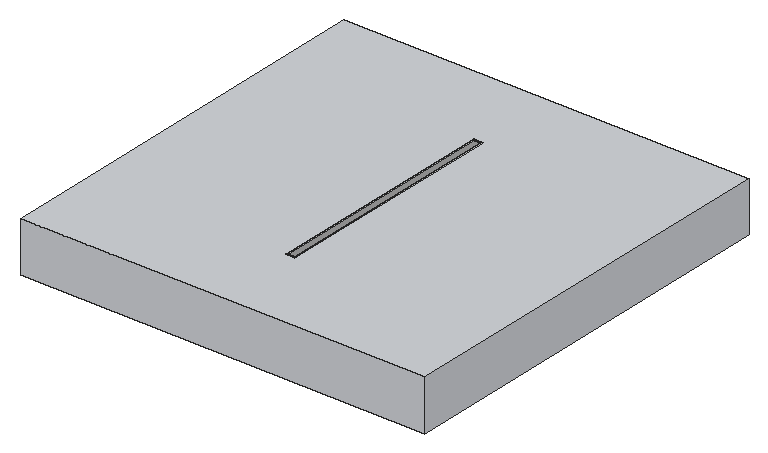
Revit family "LAMP_FIL 45 1400MM OPAL COMFORT RECESSED", category Luminarias, Revit 2018
Family settings
  Anfitrión = Cara
  Cota de conector redondo = Diámetro de uso
  Tipo de pieza = Normal
  Corte con vacíos al cargar = No
  Origen de luz = Sí
  Compartido = No
  Punto de cálculo de habitación = No
Parameters (values of type "3250LM 3000K  BLACK")
  Ángulo de inclinación = -90.00°
  Weight = 3.23 kg
  Wattage = 20.3 W
  Type = "MID POWER TRIDONIC"
  built-in parameter 1150107 = 3000 (stored number, unit not read)
  Recessed dimensions = "1406x51x0"
  built-in parameter 1150110 = 1 (stored number, unit not read)
  built-in parameter 1150109 = 1 (stored number, unit not read)
  built-in parameter 1150112 = 1 (stored number, unit not read)
  built-in parameter 1150113 = 1 (stored number, unit not read)
  built-in parameter 1114218 = 1 (stored number, unit not read)
  Protection rating = "IP20 / IK07"
  Product datasheet = "http://www.lamp.es/product-files/TECH/F41RE140MOPR830NB-EN.pdf"
  Product code = "F41RE140MOPR830NB"
  Product URL = "https://www.lamp.es/en/family/fil-45_413951"
  Power Supply = "220-240V 50/60Hz"
  Power = 19 W
  Plum = 20.3 W
  Photobiological risk = ""
  NOT COVER 2 [instance] = not(END COVER 2)  # no
  NOT COVER 1 [instance] = not(END COVER 1)  # no
  built-in parameter 1150137 = (empty or 0)
  built-in parameter 1150132 = 2
  Modelo = Product code  # "F41RE140MOPR830NB"
  Model Explanation = ""
  Material suspension = LAMP_Acero genérico
  Material perfil = LAMP_Aluminio Perfil Fil NG
  Material difusor = LAMP_PC Difusor Opal Fil
  Manufacturer name = "LAMP"
  Manufacturer country = "Spain"
  Manufacturer URL = "http://www.lamp.es/en"
  MacAdam = "3"
  Longitud de línea de emisión = 1400 mm
  Last update = "30/03/2021"
  Lamp = "MID-POWER LED"
  LED Lifetime = "70.000 L80 B10"
  built-in parameter 1150105 = 794.14 (stored number, unit not read)
  built-in parameter 1150102 = (empty or 0)
  Insulation class = "I"
  Installation instructions = "https://www.lamp.es/product-files/INS/1004580-C%20INSTR.%20FIL45.pdf"
  built-in parameter 1150106 = 7.9414 (stored number, unit not read)
  IEE = "A+"
  Gear = "Electronic"
  Lumens = 2087.65 lm
  Finish = "Matte black RAL 9011"
  Color Filter = 16777215
  built-in parameter 1114217 = 1 (stored number, unit not read)
  built-in parameter 1150139 = (empty or 0)
  Fabricante = Manufacturer name  # "LAMP"
  Default Elevation = 1219.2 mm
  built-in parameter 1150104 = 9.5541 (stored number, unit not read)
  Efficacy = 102.84 lm/W
  END COVER 2 [instance] = yes
  END COVER 1 [instance] = yes
  Dimensions = "1400x55x76"
  Descripción = "FIL45 REC 1400 3250 WW OP COMF BK."
  built-in parameter 1150115 = 1 (stored number, unit not read)
  built-in parameter 1150114 = 1 (stored number, unit not read)
  built-in parameter 1150138 = (empty or 0)
  built-in parameter 1150134 = 3
  Dimming Lamp Color Temperature Shift = (empty or 0)
  CRI = "80"
  Archivo de red fotométrica = "F41RE140MOPR830NB.IES"
  built-in parameter 1150133 = 10 (stored number, unit not read)
Types (12, lengths in mm): name | Weight | built-in parameter 1150107 | Product datasheet | Product code | Modelo | Material perfil | built-in parameter 1150105 | built-in parameter 1150106 | Lumens | Finish | built-in parameter 1150104 | Efficacy | Descripción | Archivo de red fotométrica
  3250LM 3000K DALI BLACK | 3.402 kg | 3000 (stored number, unit not read) | "http://www.lamp.es/product-files/TECH/F41RE140MOPR830DB-EN.pdf" | "F41RE140MOPR830DB" | "F41RE140MOPR830DB" | LAMP_Aluminio Perfil Fil NG | 794.14 (stored number, unit not read) | 7.9414 (stored number, unit not read) | 2087.65 lm | "Matte black RAL 9011" | 9.5541 (stored number, unit not read) | 102.84 lm/W | "FIL45 REC 1400 3250 WW OP COMF DALI BK." | "F41RE140MOPR830nB.IES"
  3250LM 3000K DALI GREY | 3.402 kg | 3000 (stored number, unit not read) | "http://www.lamp.es/product-files/TECH/F41RE140MOPR830DG-EN.pdf" | "F41RE140MOPR830DG" | "F41RE140MOPR830DG" | LAMP_Aluminio Perfil Fil GR | 794.14 (stored number, unit not read) | 7.9414 (stored number, unit not read) | 2087.65 lm | "Gloss grey" | 9.5541 (stored number, unit not read) | 102.84 lm/W | "FIL45 REC 1400 3250 WW OP COMF DALI GR." | "F41RE140MOPR830nG.IES"
  3250LM 3000K DALI WHITE | 3.402 kg | 3000 (stored number, unit not read) | "http://www.lamp.es/product-files/TECH/F41RE140MOPR830DW-EN.pdf" | "F41RE140MOPR830DW" | "F41RE140MOPR830DW" | LAMP_Aluminio Perfil Fil BL | 794.14 (stored number, unit not read) | 7.9414 (stored number, unit not read) | 2087.65 lm | "Matte white RAL 9010" | 9.5541 (stored number, unit not read) | 102.84 lm/W | "FIL45 REC 1400 3250 WW OP COMF DALI WH." | "F41RE140MOPR830nW.IES"
  3250LM 3000K  BLACK | 3.23 kg | 3000 (stored number, unit not read) | "http://www.lamp.es/product-files/TECH/F41RE140MOPR830NB-EN.pdf" | "F41RE140MOPR830NB" | "F41RE140MOPR830NB" | LAMP_Aluminio Perfil Fil NG | 794.14 (stored number, unit not read) | 7.9414 (stored number, unit not read) | 2087.65 lm | "Matte black RAL 9011" | 9.5541 (stored number, unit not read) | 102.84 lm/W | "FIL45 REC 1400 3250 WW OP COMF BK." | "F41RE140MOPR830NB.IES"
  3250LM 3000K  GREY | 3.23 kg | 3000 (stored number, unit not read) | "http://www.lamp.es/product-files/TECH/F41RE140MOPR830NG-EN.pdf" | "F41RE140MOPR830NG" | "F41RE140MOPR830NG" | LAMP_Aluminio Perfil Fil GR | 794.14 (stored number, unit not read) | 7.9414 (stored number, unit not read) | 2087.65 lm | "Gloss grey" | 9.5541 (stored number, unit not read) | 102.84 lm/W | "FIL45 REC 1400 3250 WW OP COMF GR." | "F41RE140MOPR830NG.IES"
  3250LM 3000K  WHITE | 3.23 kg | 3000 (stored number, unit not read) | "http://www.lamp.es/product-files/TECH/F41RE140MOPR830NW-EN.pdf" | "F41RE140MOPR830NW" | "F41RE140MOPR830NW" | LAMP_Aluminio Perfil Fil BL | 794.14 (stored number, unit not read) | 7.9414 (stored number, unit not read) | 2087.65 lm | "Matte white RAL 9010" | 9.5541 (stored number, unit not read) | 102.84 lm/W | "FIL45 REC 1400 3250 WW OP COMF WH." | "F41RE140MOPR830NW.IES"
  3250LM 4000K DALI BLACK | 3.402 kg | 4000 (stored number, unit not read) | "http://www.lamp.es/product-files/TECH/F41RE140MOPR840DB-EN.pdf" | "F41RE140MOPR840DB" | "F41RE140MOPR840DB" | LAMP_Aluminio Perfil Fil NG | 833.99 (stored number, unit not read) | 8.3399 (stored number, unit not read) | 2192.4 lm | "Matte black RAL 9011" | 10.034 (stored number, unit not read) | 108 lm/W | "FIL45 REC 1400 3250 NW OP COMF DALI BK." | "F41RE140MOPR840nB.IES"
  3250LM 4000K DALI GREY | 3.402 kg | 4000 (stored number, unit not read) | "http://www.lamp.es/product-files/TECH/F41RE140MOPR840DG-EN.pdf" | "F41RE140MOPR840DG" | "F41RE140MOPR840DG" | LAMP_Aluminio Perfil Fil GR | 833.99 (stored number, unit not read) | 8.3399 (stored number, unit not read) | 2192.4 lm | "Gloss grey" | 10.034 (stored number, unit not read) | 108 lm/W | "FIL45 REC 1400 3250 NW OP COMF DALI GR." | "F41RE140MOPR840nG.IES"
  3250LM 4000K DALI WHITE | 3.402 kg | 4000 (stored number, unit not read) | "http://www.lamp.es/product-files/TECH/F41RE140MOPR840DW-EN.pdf" | "F41RE140MOPR840DW" | "F41RE140MOPR840DW" | LAMP_Aluminio Perfil Fil BL | 833.99 (stored number, unit not read) | 8.3399 (stored number, unit not read) | 2192.4 lm | "Matte white RAL 9010" | 10.034 (stored number, unit not read) | 108 lm/W | "FIL45 REC 1400 3250 NW OP COMF DALI WH." | "F41RE140MOPR840nW.IES"
  3250LM 4000K  BLACK | 3.23 kg | 4000 (stored number, unit not read) | "http://www.lamp.es/product-files/TECH/F41RE140MOPR840NB-EN.pdf" | "F41RE140MOPR840NB" | "F41RE140MOPR840NB" | LAMP_Aluminio Perfil Fil NG | 1730.3 (stored number, unit not read) | 17.303 (stored number, unit not read) | 2192.4 lm | "Matte black RAL 9011" | 10.034 (stored number, unit not read) | 108 lm/W | "FIL45 REC 1400 3250 NW OP COMF BK." | "F41RE140MOPR840NB.IES"
  3250LM 4000K  GREY | 3.23 kg | 4000 (stored number, unit not read) | "http://www.lamp.es/product-files/TECH/F41RE140MOPR840NG-EN.pdf" | "F41RE140MOPR840NG" | "F41RE140MOPR840NG" | LAMP_Aluminio Perfil Fil GR | 1730.3 (stored number, unit not read) | 17.303 (stored number, unit not read) | 2192.4 lm | "Gloss grey" | 10.034 (stored number, unit not read) | 108 lm/W | "FIL45 REC 1400 3250 NW OP COMF GR." | "F41RE140MOPR840NG.IES"
  3250LM 4000K  WHITE | 3.23 kg | 4000 (stored number, unit not read) | "http://www.lamp.es/product-files/TECH/F41RE140MOPR840NW-EN.pdf" | "F41RE140MOPR840NW" | "F41RE140MOPR840NW" | LAMP_Aluminio Perfil Fil BL | 1730.3 (stored number, unit not read) | 17.303 (stored number, unit not read) | 2192.4 lm | "Matte white RAL 9010" | 10.034 (stored number, unit not read) | 108 lm/W | "FIL45 REC 1400 3250 NW OP COMF WH." | "F41RE140MOPR840NW.IES"
Reference planes
  plane 1 "Centro (Frontal/Posterior)": y = 0
  plane 2: z = 0
  plane 3 "Centro (Izquierda/Derecha)": x = 0
Forms (mm)
  Extrusion 1, solid
    sketch origin (0, 0, 0) x (1, 0, 0) y (0, 1, 0)
      loop
        line (-1219.2, 1219.2) -> (-1219.2, -1219.2) -> (1219.2, -1219.2) -> (1219.2, 1219.2) -> (-1219.2, 1219.2)
    from 0 to -304.8
  Extrusion 2, solid, material "LAMP_Aluminio Perfil Fil NG" <- "Material perfil"
    sketch origin (0, 0, -281.8) x (1, 0, 0) y (0, 0, 1)
      loop
        line (17.8, 259) -> (0, 259) -> (-17.8, 259) -> (-21.5, 259) -> (-21.5, 283) -> (-27.5, 283) -> (-27.5, 281.8) -> (-22.5, 281.8) -> (-22.5, 206.5) -> (22.5, 206.5) -> (22.5, 281.8) -> (27.5, 281.8) -> (27.5, 283) -> (21.5, 283) -> (21.5, 259) -> (17.8, 259)
    from -700 to 700
  Extrusion 3, solid, material "LAMP_PC Difusor Opal Fil" <- "Material difusor"
    sketch origin (0, 0, -281.8) x (1, 0, 0) y (0, 0, 1)
      loop
        line (-21.5, 283) -> (-21.5, 281.8) -> (21.5, 281.8) -> (21.5, 283) -> (-21.5, 283)
    from -700 to 700
Text (mm)
  text "Any modification of the parameters and properties of the LAMP BIM models must be executed and validated by the LAMP technical department.\nPhone: +34 93 736 68 00\nE-mail: lamp@lamp.es\n\nLAMP reserves the right to modify the technical specifications of its products." at (3112.338, 5316.624, -2868.509), in view "Preview"
Dimensions and locks
  aligned and locked: plane 2 to Extrusion 1
  aligned and locked: level to Extrusion 1
Nested families
  nested 1: "LAMP_FIL 45 END COVER RECESSED" at (0, -701, -75.3), visible <- "END COVER 1", type "Blanco"
  nested 2: "LAMP_FIL 45 END COVER RECESSED" at (0, 701, -75.3), visible <- "END COVER 2", type "Blanco"
Connectors
  electrical at (0, 0, -75.3)
    settings: on Extrusion 2, index 1, voltage 230 V, apparent load 0 VA, apparent load phase1 0 VA, apparent load phase2 0 VA, apparent load phase3 0 VA, power factor 1, load classification "Otro", number of poles 1, system type 31, power factor state 1, is connector primary yes, connector utility no, sub classification motor no, connector description ""
Definition of nested family "LAMP_FIL 45 END COVER RECESSED"
  Parameters (values of type "LAMP_FIL 45 END COVER RECESSED")
    Material tapa = none
  Reference planes
    plane 1 "Centro (Frontal/Posterior)": y = 0
    plane 2: z = 0
    plane 3 "Centro (Izquierda/Derecha)": x = 0
  Forms (mm)
    Extrusion 1, solid, material <- "Material tapa"
      sketch origin (0, 0, 76.8) x (0, -1, 0) y (0, 0, -1)
        loop
          line (1, 1.5) -> (1, 76.8) -> (-1, 76.8) -> (-1, 0.3) -> (4.5, 0.3) -> (4.5, 1.5) -> (1, 1.5)
      from -27.5 to 27.5
    Extrusion 2, void
      sketch origin (0, 0, 0) x (1, 0, 0) y (0, 0, 1)
        loop
          line (27.5, 75.3) -> (22.5, 75.3) -> (22.5, 0) -> (27.5, 0) -> (27.5, 75.3)
      from -23.5 to 23.5
    Extrusion 3, void
      sketch origin (0, 0, 0) x (1, 0, 0) y (0, 0, 1)
        loop
          line (-27.5, 75.3) -> (-27.5, 0) -> (-22.5, 0) -> (-22.5, 75.3) -> (-27.5, 75.3)
      from -23.5 to 23.5
  Cuts and joins
    Extrusion 2, Extrusion 3 cuts Extrusion 1
  Dimensions and locks
    aligned and locked: level to plane 2
